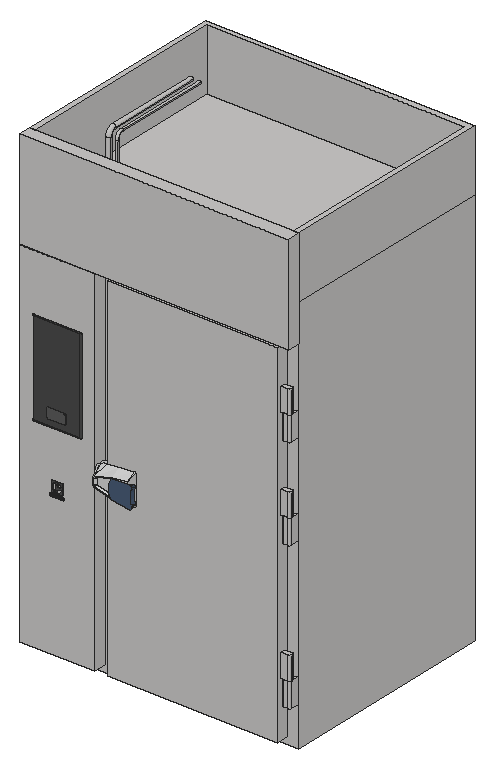
Revit family "QF_ELECTROLUXPROFESSIONAL_727757_EBFA22RDE", category Specialty Equipment, Revit 2018
Family settings
  Round Connector Dimension = Use Radius
  Part Type = Normal
  Work Plane-Based = No
  Always vertical = Yes
  Cut with Voids When Loaded = No
  Shared = Yes
  Room Calculation Point = No
Parameters
  Weight = 0.00 kg
  Watts = 0 W
  Volts = 380 V
  URL Manufacturer = "http://professional.electrolux.com"
  URL = "http://professional.electrolux.com"
  Steam Supply Size = 0"
  Steam Supply Minimum Pressure = 0.00 psi
  Steam Supply Maximum Pressure = 0.00 psi
  Steam Pounds per Hour = 0
  Show Logo [instance] = yes
  Refrigeration Suction Line Size = 0"
  Refrigeration Liquid Line Size = 0"
  Refrigerant Compressor Remote = yes
  Phase = 3
  Model = "EBFA22RDE"
  Manufacturer = "Electrolux"
  Length Actual = 1400 mm  # constant formula
  Item Number = "727757"
  Hot Water Size = 0"
  Height Actual = 2270 mm  # constant formula
  HP = "8.6 HP"
  Gas Size = 0"
  Gas KW = 0
  Gas Input Pressure = 0.0 Btu/h
  Direct Waste Size = 3/4"
  Description = "SKYLINE CHILLS BLAST CHILLER FREEZER 200/170KG 20 GN 2/1 - ROLL-IN - DISASSEMBLED - REMOTE REFRIGERATING UNIT"
  Depth Actual = 1266 mm  # constant formula
  Cycle = 60 Hz
  Condensate Return Size = 0"
  Compressed Air Volume = 0 GPM
  Compressed Air Size = 0"
  Compressed Air Pressure = 0.00 psi
  Cold Water Size = 0"
  Assembly Code = ""
  Show Clearance [instance] = yes
  Accessory = yes
Reference planes
  plane 1 "BACK": y = 1
  plane 2: z = 0
  plane 3 "LEFT": x = 0
  plane 4 "RIGHT": x = 1400
  plane 5 "FRONT": y = -1205
  plane 6 "TOP": z = 2400
  plane 7 "Center Y": x = 700
  plane 8: y = -2155
  plane 9: y = -602
Forms (mm)
  Extrusion 1, solid, material "QF_Clearance", visible <- "Show Clearance", detail levels coarse
    sketch origin (0, 0, -70) x (1, 0, 0) y (0, 1, 0)
      loop
        line (0, -1205) -> (0, 1) -> (1400, 1) -> (1400, -1205) -> (1500, -1205) -> (1500, 101) -> (-100, 101) -> (-100, -1205) -> (0, -1205)
    from 70 to 2670
  Extrusion 2, solid, material "QF_Finishes_Stainless Steel"
    sketch origin (349.253, 33, 630.991) x (-1, 0, 0) y (0, -1, 0)
      loop
        line (349.253, 1172.759) -> (349.253, 1238) -> (-39.747, 1238) -> (-39.747, 1172.759) -> (349.253, 1172.759)
    from -597 to 1254
  Extrusion 3, solid, material "QF_Finishes_Stainless Steel"
    sketch origin (596.16, 27.971, -70) x (1, 0, 0) y (0, 1, 0)
      loop
        line (743.84, -1172.971) -> (-141.16, -1172.971) -> (-141.16, -1232.971) -> (743.84, -1232.971) -> (743.84, -1172.971)
    from 103.991 to 1945.25
  Extrusion 4, solid, material "QF_Door-Drawer Clearances", visible <- "Show Clearance", detail levels coarse
    sketch origin (875, -72.029, -91.802) x (-1, 0, 0) y (0, -1, 0)
      loop
        line (-465, 2025.971) -> (-465, 1132.971) -> (420, 1132.971)
        arc (420, 1132.971) -> (153.836, 1754.227) -> (-465, 2025.971) r 920
    from 125.793 to 1967.052
  Extrusion 5, solid, material "QF_Finishes_Stainless Steel"
    sketch origin (0, -1139.759, 0) x (0, 1, 0) y (-1, 0, 0)
      loop
        line (1140.759, 0) -> (0.759, 0) -> (0.759, -1400) -> (1140.759, -1400) -> (1140.759, 0)
    from 0 to 2080
  Extrusion 6, solid, material "QF_Finishes_Stainless Steel"
    sketch origin (0, 0, -70) x (0, 1, 0) y (0, 0, 1)
      loop
        line (-1139, 2470) -> (-1205, 2470) -> (-1205, 1956) -> (-1139, 1956) -> (-1139, 2470)
    from 0 to 1400
  Extrusion 7, solid, material "QF_Finishes_Stainless Steel"
    sketch origin (0, -1139.759, 2080) x (0, 1, 0) y (-1, 0, 0)
      loop
        line (1140.759, 0) -> (0.759, 0) -> (0.759, -27.807) -> (1112.952, -27.807) -> (1112.952, -1372.193) -> (0.759, -1372.193) -> (0.759, -1400) -> (1140.759, -1400) -> (1140.759, 0)
    from 0 to 320
  Extrusion 8, solid, material "QF_Clearance", visible <- "Show Clearance", detail levels coarse
    sketch origin (0, 0, 2400) x (-1, 0, 0) y (0, -1, 0)
      loop
        line (0, 1205) -> (-1400, 1205) -> (-1400, -1) -> (0, -1) -> (0, 1205)
    from 0 to 200
  Extrusion 9, solid, material "QF_Finishes_Stainless Steel"
    sketch origin (-390.239, -0.977, 1172.559) x (1, 0, 0) y (0, 1, 0)
      loop
        line (1730.239, -1159.557) -> (1730.239, -1186.759) -> (1771.078, -1186.759)
        arc (1771.078, -1186.759) -> (1778.149, -1183.83) -> (1781.078, -1176.759) r 10
        line (1781.078, -1176.759) -> (1781.078, -1169.557)
        arc (1781.078, -1169.557) -> (1778.149, -1162.486) -> (1771.078, -1159.557) r 10
        line (1771.078, -1159.557) -> (1730.239, -1159.557)
    from 398 to 516
  Extrusion 10, solid, material "QF_Finishes_Stainless Steel"
    sketch origin (-388.989, -0.977, 1172.559) x (1, 0, 0) y (0, 1, 0)
      loop
        line (1779.828, -1138.023) -> (1738.215, -1138.023) -> (1738.215, -1176.759)
        arc (1738.215, -1176.759) -> (1741.143, -1183.83) -> (1748.215, -1186.759) r 10
        line (1748.215, -1186.759) -> (1769.828, -1186.759)
        arc (1769.828, -1186.759) -> (1776.899, -1183.83) -> (1779.828, -1176.759) r 10
        line (1779.828, -1176.759) -> (1779.828, -1138.023)
    from 269 to 396
  Extrusion 11, solid, material "QF_Finishes_Handrails and Railings"
    sketch origin (0, -1205, -139.705) x (-1, 0, 0) y (0, 0, 1)
      loop
        arc (-455, 1022.346) -> (-433.392, 1027.289) -> (-413, 1035.976) r 124.815
        arc (-413, 1035.976) -> (-402.037, 1046.425) -> (-398, 1061.023) r 28.412
        line (-398, 1061.023) -> (-398, 1124.287)
        arc (-398, 1124.287) -> (-402.037, 1138.885) -> (-413, 1149.334) r 28.412
        arc (-413, 1149.334) -> (-433.392, 1158.021) -> (-455, 1162.964) r 124.815
        line (-455, 1162.964) -> (-455, 1022.346)
    from 0 to 25
  Extrusion 12, solid, material "QF_Finishes_Stainless Steel"
    sketch origin (0, 1, -70) x (1, 0, 0) y (0, 0, 1)
      loop
        circle (50.191, 2279.706) r 10
    from -2 to 0
  Extrusion 13, solid
    sketch origin (0, 0, -70) x (1, 0, 0) y (0, 1, 0)
      loop
        circle (271, -895) r 12.7
    from 180 to 190
  Sweep 14, solid, material "QF_Finishes_Stainless Steel"
    path in 3D
      loop
        line (196, -872.727, 2090) -> (196, -872.727, 2314.785)
        arc (196, -872.727, 2314.785) -> (196, -863.94, 2335.999) -> (196, -842.727, 2344.785) r 30
        line (196, -842.727, 2344.785) -> (196, -337, 2344.785)
    profile origin (196, -589.864, 2344.785) x (-1, 0, 0) y (0, 0, 1)
      loop
        circle (0, -0.785) r 11
  Sweep 15, solid, material "QF_Finishes_Stainless Steel"
    path in 3D
      loop
        line (239, -337, 2344) -> (239, -842.727, 2344)
        arc (239, -842.727, 2344) -> (239, -863.94, 2335.213) -> (239, -872.727, 2314) r 30
        line (239, -872.727, 2314) -> (239, -872.727, 2090)
    profile origin (239, -589.864, 2344) x (1, 0, 0) y (0, 0, 1)
      loop
        circle (0, 0) r 6
  Extrusion 16, solid, material "QF_Finishes_Stainless Steel"
    sketch origin (0, -1139.759, 2080) x (0, 1, 0) y (-1, 0, 0)
      loop
        line (272.791, -163.68) -> (262.791, -163.68)
        arc (262.791, -163.68) -> (252.185, -168.074) -> (247.791, -178.68) r 15
        line (247.791, -178.68) -> (247.791, -270.358)
        arc (247.791, -270.358) -> (252.185, -280.965) -> (262.791, -285.358) r 15
        line (262.791, -285.358) -> (272.791, -285.358)
        arc (272.791, -285.358) -> (283.398, -280.965) -> (287.791, -270.358) r 15
        line (287.791, -270.358) -> (287.791, -178.68)
        arc (287.791, -178.68) -> (283.398, -168.074) -> (272.791, -163.68) r 15
    from 0 to 10
  Blend 17, solid, material "QF_Finishes_Handrails and Railings"
    base sketch origin (0, -1205, -139.705) x (1, 0, 0) y (0, 0, 1)
      loop
        arc (455, 1162.964) -> (433.392, 1158.021) -> (413, 1149.334) r 124.815
        arc (413, 1149.334) -> (402.037, 1138.885) -> (398, 1124.287) r 28.412
        line (398, 1124.287) -> (398, 1061.023)
        arc (398, 1061.023) -> (402.037, 1046.425) -> (413, 1035.976) r 28.412
        arc (413, 1035.976) -> (433.392, 1027.289) -> (455, 1022.346) r 124.815
        arc (455, 1022.346) -> (524.77, 1014.896) -> (594.859, 1011.587) r 1185.63
        arc (594.859, 1011.587) -> (600.607, 1013.879) -> (603, 1019.586) r 8
        line (603, 1019.586) -> (603, 1165.724)
        arc (603, 1165.724) -> (600.607, 1171.431) -> (594.859, 1173.723) r 8
        arc (594.859, 1173.723) -> (524.77, 1170.414) -> (455, 1162.964) r 1185.63
    top sketch origin (0, -1205, -139.705) x (1, 0, 0) y (0, 0, 1)
      loop
        line (421, 1108.337) -> (421, 1076.973)
        arc (421, 1076.973) -> (423.295, 1069.915) -> (429.302, 1065.557) r 12
        arc (429.302, 1065.557) -> (515.086, 1044.22) -> (603, 1034.974) r 636.459
        line (603, 1034.974) -> (603, 1150.336)
        arc (603, 1150.336) -> (515.086, 1141.09) -> (429.302, 1119.753) r 636.459
        arc (429.302, 1119.753) -> (423.295, 1115.395) -> (421, 1108.337) r 12
    from 0 to 50
  Blend 18, void
    base sketch origin (0, -1255, -139.705) x (-1, 0, 0) y (0, 0, 1)
      loop
        arc (-430.843, 1114.996) -> (-515.866, 1136.151) -> (-603, 1145.333) r 631.459
        line (-603, 1145.333) -> (-603, 1039.977)
        arc (-603, 1039.977) -> (-515.866, 1049.159) -> (-430.843, 1070.314) r 631.459
        arc (-430.843, 1070.314) -> (-427.339, 1072.856) -> (-426, 1076.973) r 7
        line (-426, 1076.973) -> (-426, 1108.337)
        arc (-426, 1108.337) -> (-427.339, 1112.454) -> (-430.843, 1114.996) r 7
    top sketch origin (0, -1255, -139.705) x (-1, 0, 0) y (0, 0, 1)
      loop
        arc (-432.384, 1110.24) -> (-516.647, 1131.211) -> (-603, 1140.33) r 626.459
        line (-603, 1140.33) -> (-603, 1044.98)
        arc (-603, 1044.98) -> (-516.647, 1054.099) -> (-432.384, 1075.07) r 626.459
        arc (-432.384, 1075.07) -> (-431.382, 1075.797) -> (-431, 1076.973) r 2
        line (-431, 1076.973) -> (-431, 1108.337)
        arc (-431, 1108.337) -> (-431.382, 1109.513) -> (-432.384, 1110.24) r 2
    from 0 to 10
  Blend 19, solid, material "QF_Finishes_Electrolux_Blue"
    base sketch origin (0, -1245, -139.705) x (1, 0, 0) y (0, 0, 1)
      loop
        arc (628.567, 1043.419) -> (622.014, 1092.655) -> (628.567, 1141.89) r 188.232
        arc (628.567, 1141.89) -> (627.358, 1147.991) -> (621.77, 1150.721) r 7
        arc (621.77, 1150.721) -> (572.304, 1148.509) -> (523.16, 1142.458) r 636.459
        arc (523.16, 1142.458) -> (507.711, 1092.655) -> (523.16, 1042.852) r 88
        arc (523.16, 1042.852) -> (572.304, 1036.801) -> (621.77, 1034.589) r 636.459
        arc (621.77, 1034.589) -> (627.358, 1037.319) -> (628.567, 1043.419) r 7
    top sketch origin (0, -1245, -139.705) x (1, 0, 0) y (0, 0, 1)
      loop
        arc (626.748, 1050.703) -> (622.014, 1092.655) -> (626.748, 1134.607) r 188.232
        arc (626.748, 1134.607) -> (625.775, 1138.85) -> (621.845, 1140.722) r 5
        arc (621.845, 1140.722) -> (569.023, 1138.185) -> (516.603, 1131.203) r 626.459
        arc (516.603, 1131.203) -> (507.711, 1092.655) -> (516.603, 1054.107) r 88
        arc (516.603, 1054.107) -> (569.023, 1047.124) -> (621.845, 1044.588) r 626.459
        arc (621.845, 1044.588) -> (625.775, 1046.46) -> (626.748, 1050.703) r 5
    from 20 to 0
  Extrusion 20, solid, material "QF_Finishes_Stainless Steel"
    sketch origin (-390.239, -0.977, 692.559) x (1, 0, 0) y (0, 1, 0)
      loop
        line (1730.239, -1159.557) -> (1730.239, -1186.759) -> (1771.078, -1186.759)
        arc (1771.078, -1186.759) -> (1778.149, -1183.83) -> (1781.078, -1176.759) r 10
        line (1781.078, -1176.759) -> (1781.078, -1169.557)
        arc (1781.078, -1169.557) -> (1778.149, -1162.486) -> (1771.078, -1159.557) r 10
        line (1771.078, -1159.557) -> (1730.239, -1159.557)
    from 398 to 516
  Extrusion 21, solid, material "QF_Finishes_Stainless Steel"
    sketch origin (-388.989, -0.977, 692.559) x (1, 0, 0) y (0, 1, 0)
      loop
        line (1779.828, -1138.023) -> (1738.215, -1138.023) -> (1738.215, -1176.759)
        arc (1738.215, -1176.759) -> (1741.143, -1183.83) -> (1748.215, -1186.759) r 10
        line (1748.215, -1186.759) -> (1769.828, -1186.759)
        arc (1769.828, -1186.759) -> (1776.899, -1183.83) -> (1779.828, -1176.759) r 10
        line (1779.828, -1176.759) -> (1779.828, -1138.023)
    from 269 to 396
  Extrusion 22, solid, material "QF_Finishes_Stainless Steel"
    sketch origin (-390.239, -0.977, -67.441) x (1, 0, 0) y (0, 1, 0)
      loop
        line (1730.239, -1159.557) -> (1730.239, -1186.759) -> (1771.078, -1186.759)
        arc (1771.078, -1186.759) -> (1778.149, -1183.83) -> (1781.078, -1176.759) r 10
        line (1781.078, -1176.759) -> (1781.078, -1169.557)
        arc (1781.078, -1169.557) -> (1778.149, -1162.486) -> (1771.078, -1159.557) r 10
        line (1771.078, -1159.557) -> (1730.239, -1159.557)
    from 398 to 516
  Extrusion 23, solid, material "QF_Finishes_Stainless Steel"
    sketch origin (-388.989, -0.977, -67.441) x (1, 0, 0) y (0, 1, 0)
      loop
        line (1779.828, -1138.023) -> (1738.215, -1138.023) -> (1738.215, -1176.759)
        arc (1738.215, -1176.759) -> (1741.143, -1183.83) -> (1748.215, -1186.759) r 10
        line (1748.215, -1186.759) -> (1769.828, -1186.759)
        arc (1769.828, -1186.759) -> (1776.899, -1183.83) -> (1779.828, -1176.759) r 10
        line (1779.828, -1176.759) -> (1779.828, -1138.023)
    from 269 to 396
  Extrusion 24, solid, material "QF_Door-Drawer Clearances", visible <- "Show Clearance", detail levels coarse
    sketch origin (167.029, -1956.84, -70) x (0, 1, 0) y (-1, 0, 0)
      loop
        line (751.84, -1172.971) -> (-141.16, -1172.971) -> (-141.16, -1232.971) -> (751.84, -1232.971) -> (751.84, -1172.971)
    from 103.991 to 1945.25
  Extrusion 25, solid, material "QF_Door-Drawer Clearances", visible <- "Show Clearance", detail levels coarse
    sketch origin (1400, -2553, -139.705) x (0, -1, 0) y (0, 0, 1)
      loop
        arc (-455, 1022.346) -> (-433.392, 1027.289) -> (-413, 1035.976) r 124.815
        arc (-413, 1035.976) -> (-402.037, 1046.425) -> (-398, 1061.023) r 28.412
        line (-398, 1061.023) -> (-398, 1124.287)
        arc (-398, 1124.287) -> (-402.037, 1138.885) -> (-413, 1149.334) r 28.412
        arc (-413, 1149.334) -> (-433.392, 1158.021) -> (-455, 1162.964) r 124.815
        line (-455, 1162.964) -> (-455, 1022.346)
    from 0 to 25
  Blend 26, solid, material "QF_Door-Drawer Clearances", visible <- "Show Clearance", detail levels coarse
    base sketch origin (1400, -2553, -139.705) x (0, 1, 0) y (0, 0, 1)
      loop
        arc (455, 1162.964) -> (433.392, 1158.021) -> (413, 1149.334) r 124.815
        arc (413, 1149.334) -> (402.037, 1138.885) -> (398, 1124.287) r 28.412
        line (398, 1124.287) -> (398, 1061.023)
        arc (398, 1061.023) -> (402.037, 1046.425) -> (413, 1035.976) r 28.412
        arc (413, 1035.976) -> (433.392, 1027.289) -> (455, 1022.346) r 124.815
        arc (455, 1022.346) -> (524.77, 1014.896) -> (594.859, 1011.587) r 1185.63
        arc (594.859, 1011.587) -> (600.607, 1013.879) -> (603, 1019.586) r 8
        line (603, 1019.586) -> (603, 1165.724)
        arc (603, 1165.724) -> (600.607, 1171.431) -> (594.859, 1173.723) r 8
        arc (594.859, 1173.723) -> (524.77, 1170.414) -> (455, 1162.964) r 1185.63
    top sketch origin (1400, -2553, -139.705) x (0, 1, 0) y (0, 0, 1)
      loop
        line (421, 1108.337) -> (421, 1076.973)
        arc (421, 1076.973) -> (423.295, 1069.915) -> (429.302, 1065.557) r 12
        arc (429.302, 1065.557) -> (515.086, 1044.22) -> (603, 1034.974) r 636.459
        line (603, 1034.974) -> (603, 1150.336)
        arc (603, 1150.336) -> (515.086, 1141.09) -> (429.302, 1119.753) r 636.459
        arc (429.302, 1119.753) -> (423.295, 1115.395) -> (421, 1108.337) r 12
    from 0 to 50
  Blend 27, void
    base sketch origin (1450, -2553, -139.705) x (0, -1, 0) y (0, 0, 1)
      loop
        arc (-430.843, 1114.996) -> (-515.866, 1136.151) -> (-603, 1145.333) r 631.459
        line (-603, 1145.333) -> (-603, 1039.977)
        arc (-603, 1039.977) -> (-515.866, 1049.159) -> (-430.843, 1070.314) r 631.459
        arc (-430.843, 1070.314) -> (-427.339, 1072.856) -> (-426, 1076.973) r 7
        line (-426, 1076.973) -> (-426, 1108.337)
        arc (-426, 1108.337) -> (-427.339, 1112.454) -> (-430.843, 1114.996) r 7
    top sketch origin (1450, -2553, -139.705) x (0, -1, 0) y (0, 0, 1)
      loop
        arc (-432.384, 1110.24) -> (-516.647, 1131.211) -> (-603, 1140.33) r 626.459
        line (-603, 1140.33) -> (-603, 1044.98)
        arc (-603, 1044.98) -> (-516.647, 1054.099) -> (-432.384, 1075.07) r 626.459
        arc (-432.384, 1075.07) -> (-431.382, 1075.797) -> (-431, 1076.973) r 2
        line (-431, 1076.973) -> (-431, 1108.337)
        arc (-431, 1108.337) -> (-431.382, 1109.513) -> (-432.384, 1110.24) r 2
    from 0 to 10
  Blend 28, solid, material "QF_Door-Drawer Clearances", visible <- "Show Clearance", detail levels coarse
    base sketch origin (1440, -2553, -139.705) x (0, 1, 0) y (0, 0, 1)
      loop
        arc (628.567, 1043.419) -> (622.014, 1092.655) -> (628.567, 1141.89) r 188.232
        arc (628.567, 1141.89) -> (627.358, 1147.991) -> (621.77, 1150.721) r 7
        arc (621.77, 1150.721) -> (572.304, 1148.509) -> (523.16, 1142.458) r 636.459
        arc (523.16, 1142.458) -> (507.711, 1092.655) -> (523.16, 1042.852) r 88
        arc (523.16, 1042.852) -> (572.304, 1036.801) -> (621.77, 1034.589) r 636.459
        arc (621.77, 1034.589) -> (627.358, 1037.319) -> (628.567, 1043.419) r 7
    top sketch origin (1440, -2553, -139.705) x (0, 1, 0) y (0, 0, 1)
      loop
        arc (626.748, 1050.703) -> (622.014, 1092.655) -> (626.748, 1134.607) r 188.232
        arc (626.748, 1134.607) -> (625.775, 1138.85) -> (621.845, 1140.722) r 5
        arc (621.845, 1140.722) -> (569.023, 1138.185) -> (516.603, 1131.203) r 626.459
        arc (516.603, 1131.203) -> (507.711, 1092.655) -> (516.603, 1054.107) r 88
        arc (516.603, 1054.107) -> (569.023, 1047.124) -> (621.845, 1044.588) r 626.459
        arc (621.845, 1044.588) -> (625.775, 1046.46) -> (626.748, 1050.703) r 5
    from 20 to -1
Cuts and joins
  Blend 18 cuts Blend 17
  joined: Extrusion 11, Blend 17
  Blend 18 cuts Extrusion 4
  Blend 27 cuts Blend 26
  Blend 27 cuts Blend 28
  joined: Extrusion 4, Extrusion 24, Extrusion 25, Blend 26, Blend 28
  joined: Extrusion 7, Extrusion 12
  joined: Extrusion 5, Extrusion 10, Sweep 14, Sweep 15, Extrusion 16, Extrusion 21, Extrusion 23
  joined: Extrusion 3, Extrusion 9, Extrusion 20, Extrusion 22
  joined: Extrusion 1, Extrusion 8
Lines and regions (mm)
  symbolic lines, style "QF-Clearances", visible <- "Show Clearance", detail levels coarse
    curve 1: line (-100, -1204.241, 70) -> (-100, 101, 70)
    curve 2: line (-100, 101, 70) -> (1500, 101, 70)
    curve 3: line (1500, 101, 70) -> (1500, -1204.241, 70)
  symbolic lines
    curve 4: line (185, -336.968, 70) -> (207, -336.968, 70)
    curve 5: line (207, -336.968, 70) -> (207, -871.942, 70)
    curve 6: line (233, -872.727, 70) -> (233, -337, 70)
    curve 7: line (233, -337, 70) -> (245, -337, 70)
    curve 8: line (245, -337, 70) -> (245, -872.727, 70)
    curve 9: line (245, -851.968, 70) -> (270.358, -851.968, 70)
    curve 10: arc (285.358, -866.968, 70) -> (280.965, -856.361, 70) -> (270.358, -851.968, 70) r 15
    curve 11: line (285.358, -876.968, 70) -> (285.358, -866.968, 70)
    curve 12: arc (270.358, -891.968, 70) -> (280.965, -887.575, 70) -> (285.358, -876.968, 70) r 15
    curve 13: line (178.68, -891.968, 70) -> (270.358, -891.968, 70)
    curve 14: arc (163.68, -876.968, 70) -> (168.074, -887.575, 70) -> (178.68, -891.968, 70) r 15
    curve 15: line (163.68, -866.968, 70) -> (163.68, -876.968, 70)
    curve 16: arc (178.68, -851.968, 70) -> (168.074, -856.361, 70) -> (163.68, -866.968, 70) r 15
    curve 17: arc (207, -871.942, 70) -> (196, -882.942, 70) -> (185, -871.942, 70) r 11
    curve 18: arc (233, -872.727, 70) -> (239, -878.727, 70) -> (245, -872.727, 70) r 6
    curve 19: line (178.68, -851.968, 70) -> (185, -851.968, 70)
    curve 20: line (185, -336.968, 70) -> (185, -871.942, 70)
    curve 21: line (207, -851.968, 70) -> (233, -851.968, 70)
    curve 22: line (0, 1, 70) -> (1400, 1, 70)
    curve 23: line (0, -1205, 70) -> (0, 1, 70)
    curve 24: line (1400, -1205, 70) -> (0, -1205, 70)
    curve 25: line (1400, 1, 70) -> (1400, -1205, 70)
    curve 26: line (27.807, -26.807, 70) -> (1372.193, -26.807, 70)
    curve 27: line (27.807, -1139, 70) -> (27.807, -26.807, 70)
    curve 28: line (1400, -1139, 70) -> (0, -1139, 70)
    curve 29: line (1372.193, -26.807, 70) -> (1372.193, -1139, 70)
    curve 30: line (75.5, -1210, 70) -> (313.5, -1210, 70)
    curve 31: line (75.5, -1210, 70) -> (67.5, -1205, 70)
    curve 32: line (313.5, -1210, 70) -> (321.5, -1205, 70)
    curve 33: line (421, -1255, 70) -> (398, -1205, 70)
    curve 34: line (421, -1255, 70) -> (603, -1255, 70)
    curve 35: line (603, -1255, 70) -> (603, -1205, 70)
    curve 36: line (603, -1245, 70) -> (626.748, -1245, 70)
    curve 37: line (626.748, -1245, 70) -> (628.811, -1265, 70)
    curve 38: line (628.811, -1265, 70) -> (507.711, -1265, 70)
    curve 39: line (507.711, -1265, 70) -> (507.711, -1255, 70)
  symbolic lines, style "QF_Door-Drawer Clearances", visible <- "Show Clearance"
    curve 40: line (1450, -2132, 70) -> (1400, -2155, 70)
    curve 41: line (1450, -2132, 70) -> (1450, -1950, 70)
    curve 42: line (1450, -1950, 70) -> (1400, -1950, 70)
    curve 43: line (1439, -1950, 70) -> (1439, -1926.126, 70)
    curve 44: line (1439, -1926.126, 70) -> (1460, -1924.189, 70)
    curve 45: line (1460, -1924.189, 70) -> (1460, -2045.289, 70)
    curve 46: line (1460, -2045.289, 70) -> (1450, -2045.289, 70)
    curve 47: line (1375, -2098, 70) -> (1375, -2155, 70)
    curve 48: line (1340, -2098, 70) -> (1400, -2098, 70)
    curve 49: arc (457.796, -1255, 70) -> (739.031, -1843.801, 70) -> (1340, -2098, 70) r 920
    curve 50: line (1400, -2155, 70) -> (1375, -2155, 70)
    curve 51: line (1400, -2098, 70) -> (1400, -1205, 70)
    curve 58: line (1340, -2098, 70) -> (1340, -1205, 70)
  sketch lines
    curve 52: line (196, -842.727, 2344.785) -> (196, -337, 2344.785)
    curve 53: arc (196, -872.727, 2314.785) -> (196, -863.94, 2335.999) -> (196, -842.727, 2344.785) r 30
    curve 54: line (196, -872.727, 2090) -> (196, -872.727, 2314.785)
    curve 55: line (239, -337, 2344) -> (239, -842.727, 2344)
    curve 56: arc (239, -842.727, 2344) -> (239, -863.94, 2335.213) -> (239, -872.727, 2314) r 30
    curve 57: line (239, -872.727, 2314) -> (239, -872.727, 2090)
Dimensions and locks
  plane 5 "FRONT" to plane 1 "BACK" = 1206 mm
  plane 6 "TOP" to level = 2400 mm
  plane 4 "RIGHT" to plane 3 "LEFT" = 1400 mm
  plane 3 "LEFT" to plane 4 "RIGHT" = 1400 mm
  equal spacing: plane 3 "LEFT", plane 7 "Center Y", plane 4 "RIGHT"
  plane 1 "BACK" to plane 5 "FRONT" = 1206 mm
  aligned and locked: level to plane 2
Automatic sketch dimensions
  plane 5 "FRONT" to Extrusion 1 sketch curve = 0 mm  (x2)
  Extrusion 1 sketch curve to plane 3 "LEFT" = 0 mm
  plane 1 "BACK" to Extrusion 1 sketch curve = 0 mm
  Extrusion 1 sketch curve to plane 4 "RIGHT" = 0 mm
  Extrusion 1 sketch curve to plane 3 "LEFT" = 100 mm
  plane 4 "RIGHT" to Extrusion 1 sketch curve = 100 mm
  Extrusion 1 sketch curve to plane 1 "BACK" = 100 mm
  plane 5 "FRONT" to Extrusion 2 sketch curve = 0 mm
  Extrusion 2 sketch curve to plane 3 "LEFT" = 0 mm
  Extrusion 2 sketch curve to plane 5 "FRONT" = 65.241 mm
  plane 5 "FRONT" to Extrusion 3 sketch curve = 0 mm
  Extrusion 3 sketch curve to plane 5 "FRONT" = 60 mm
  Extrusion 3 sketch curve to plane 4 "RIGHT" = 60 mm
  plane 5 "FRONT" to Extrusion 4 sketch curve = 0 mm
  Extrusion 4 sketch curve to plane 4 "RIGHT" = 25.377 mm
  Extrusion 4 sketch curve to Extrusion 4 sketch curve = 34.623 mm
  Extrusion 4 sketch curve to plane 5 "FRONT" = 26.348 mm
  Extrusion 5 sketch curve to plane 3 "LEFT" = 0 mm
  Extrusion 5 sketch curve to plane 4 "RIGHT" = 0 mm
  plane 1 "BACK" to Extrusion 5 sketch curve = 0 mm
  Extrusion 5 sketch curve to plane 5 "FRONT" = 66 mm
  Extrusion 6 sketch curve to plane 5 "FRONT" = 0 mm
  Extrusion 6 sketch curve to plane 5 "FRONT" = 66 mm
  Extrusion 6 sketch curve to plane 6 "TOP" = 514 mm
  plane 6 "TOP" to Extrusion 6 sketch curve = 0 mm
  Extrusion 5 to Extrusion 7 sketch curve = 0 mm
  Extrusion 7 sketch curve to Extrusion 5 = 0 mm  (x4)
  Extrusion 7 sketch curve to Extrusion 5 = 27.807 mm  (x3)
  Extrusion 8 sketch curve to plane 4 "RIGHT" = 0 mm
  plane 1 "BACK" to Extrusion 8 sketch curve = 0 mm
  Extrusion 8 sketch curve to plane 3 "LEFT" = 0 mm
  plane 5 "FRONT" to Extrusion 8 sketch curve = 0 mm
  Extrusion 9 sketch curve to plane 5 "FRONT" = 17.264 mm
  Extrusion 9 sketch curve to plane 4 "RIGHT" = 60 mm
  Extrusion 9 sketch curve to plane 4 "RIGHT" = 19.161 mm
  Extrusion 9 sketch curve to Extrusion 9 sketch curve = 0 mm
  Extrusion 9 sketch curve to plane 4 "RIGHT" = 9.161 mm
  Extrusion 9 sketch curve to Extrusion 9 sketch curve = 7.202 mm
  Extrusion 10 sketch curve to plane 5 "FRONT" = 27.264 mm
  Extrusion 10 sketch curve to plane 4 "RIGHT" = 50.775 mm
  Extrusion 10 sketch curve to Extrusion 10 sketch curve = 10 mm
  Extrusion 10 sketch curve to plane 4 "RIGHT" = 19.161 mm
  Extrusion 10 sketch curve to plane 4 "RIGHT" = 9.161 mm
  Extrusion 10 sketch curve to Extrusion 10 sketch curve = 38.736 mm
  plane 7 "Center Y" to Extrusion 11 sketch curve = 228.081 mm
  Extrusion 11 sketch curve to Extrusion 11 sketch curve = 0 mm
  Extrusion 11 sketch curve to Extrusion 11 sketch curve = 16.919 mm
  Extrusion 11 sketch curve to Extrusion 11 sketch curve = 28.588 mm  (x2)
  Extrusion 11 sketch curve to Extrusion 11 sketch curve = 28.412 mm
  level to Extrusion 11 sketch curve = 882.641 mm
  Extrusion 11 sketch curve to Extrusion 11 sketch curve = 16.954 mm  (x2)
  Extrusion 11 sketch curve to Extrusion 11 sketch curve = 38.676 mm
  Extrusion 11 sketch curve to Extrusion 11 sketch curve = 63.265 mm
  Extrusion 11 sketch curve to Extrusion 11 sketch curve = 21.722 mm
  plane 3 "LEFT" to Extrusion 12 sketch curve = 50.191 mm
  Extrusion 12 sketch curve to plane 6 "TOP" = 190.294 mm
  Extrusion 13 sketch curve to plane 9 = 293 mm
  Sweep 14 sketch curve to profile plane = 0 mm
  Sweep 14 sketch curve to profile plane = 0.785 mm
  profile plane to Sweep 15 sketch curve = 0 mm
  Sweep 15 sketch curve to profile plane = 0 mm
  Extrusion 16 sketch curve to Extrusion 5 = 247.032 mm
  Extrusion 16 sketch curve to Extrusion 16 sketch curve = 15 mm  (x3)
  Extrusion 16 sketch curve to Extrusion 16 sketch curve = 10 mm  (x2)
  Extrusion 16 sketch curve to Extrusion 5 = 285.358 mm
  Extrusion 16 sketch curve to Extrusion 16 sketch curve = 91.678 mm
  Blend 17 sketch curve to Extrusion 11 = 0 mm  (x4)
  Blend 17 sketch curve to Extrusion 11 = 28.412 mm
  Blend 17 sketch curve to Blend 17 sketch curve = 123.081 mm  (x2)
  Blend 17 sketch curve to Blend 17 sketch curve = 8 mm
  Extrusion 11 to Blend 17 sketch curve = 160.712 mm  (x2)
  Blend 17 sketch curve to Blend 17 sketch curve = 19.715 mm  (x2)
  Blend 17 sketch curve to Blend 17 sketch curve = 38.676 mm
  Blend 17 sketch curve to Extrusion 11 = 23 mm
  Blend 17 sketch curve to Blend 17 sketch curve = 12 mm  (x2)
  Extrusion 11 to Blend 17 sketch curve = 148 mm
  Extrusion 11 to Blend 17 sketch curve = 170.45 mm  (x2)
  Blend 17 sketch curve to Blend 17 sketch curve = 520.701 mm  (x2)
  Blend 17 sketch curve to Blend 17 sketch curve = 41.999 mm
  Blend 17 sketch curve to Blend 17 sketch curve = 31.364 mm
  Blend 17 sketch curve to Blend 17 sketch curve = 115.362 mm
  Blend 17 to Blend 18 sketch curve = 0 mm  (x2)
  Blend 18 sketch curve to Blend 18 sketch curve = 7 mm
  Blend 18 sketch curve to Blend 18 sketch curve = 31.364 mm  (x2)
  Blend 18 sketch curve to Blend 18 sketch curve = 2 mm
  Blend 18 to Blend 19 sketch curve = 18.811 mm  (x2)
  Blend 19 sketch curve to Blend 18 = 7.289 mm  (x2)
  Blend 19 sketch curve to Blend 19 sketch curve = 188.435 mm
  Blend 19 sketch curve to Blend 19 sketch curve = 7 mm  (x2)
  Blend 19 sketch curve to Blend 19 sketch curve = 51.066 mm  (x2)
  Blend 19 sketch curve to Blend 19 sketch curve = 0 mm  (x6)
  Blend 19 sketch curve to Blend 18 = 79.84 mm
  Blend 18 to Blend 19 sketch curve = 18.874 mm  (x2)
  Blend 19 sketch curve to Blend 19 sketch curve = 188.371 mm
  Blend 19 sketch curve to Blend 19 sketch curve = 5 mm  (x2)
  Blend 19 sketch curve to Blend 19 sketch curve = 43.067 mm  (x2)
  Blend 19 sketch curve to Blend 18 = 85.603 mm
  Extrusion 20 sketch curve to plane 5 "FRONT" = 17.264 mm
  Extrusion 20 sketch curve to plane 4 "RIGHT" = 60 mm
  Extrusion 20 sketch curve to plane 4 "RIGHT" = 19.161 mm
  Extrusion 20 sketch curve to Extrusion 20 sketch curve = 0 mm
  Extrusion 20 sketch curve to plane 4 "RIGHT" = 9.161 mm
  Extrusion 20 sketch curve to Extrusion 20 sketch curve = 7.202 mm
  Extrusion 21 sketch curve to plane 5 "FRONT" = 27.264 mm
  Extrusion 21 sketch curve to plane 4 "RIGHT" = 50.775 mm
  Extrusion 21 sketch curve to Extrusion 21 sketch curve = 10 mm
  Extrusion 21 sketch curve to plane 4 "RIGHT" = 19.161 mm
  Extrusion 21 sketch curve to plane 4 "RIGHT" = 9.161 mm
  Extrusion 21 sketch curve to Extrusion 21 sketch curve = 38.736 mm
  Extrusion 22 sketch curve to plane 5 "FRONT" = 17.264 mm
  Extrusion 22 sketch curve to plane 4 "RIGHT" = 60 mm
  Extrusion 22 sketch curve to plane 4 "RIGHT" = 19.161 mm
  Extrusion 22 sketch curve to Extrusion 22 sketch curve = 0 mm
  Extrusion 22 sketch curve to plane 4 "RIGHT" = 9.161 mm
  Extrusion 22 sketch curve to Extrusion 22 sketch curve = 7.202 mm
  Extrusion 23 sketch curve to plane 5 "FRONT" = 27.264 mm
  Extrusion 23 sketch curve to plane 4 "RIGHT" = 50.775 mm
  Extrusion 23 sketch curve to Extrusion 23 sketch curve = 10 mm
  Extrusion 23 sketch curve to plane 4 "RIGHT" = 19.161 mm
  Extrusion 23 sketch curve to plane 4 "RIGHT" = 9.161 mm
  Extrusion 23 sketch curve to Extrusion 23 sketch curve = 38.736 mm
  Extrusion 24 sketch curve to plane 4 "RIGHT" = 0 mm
  plane 5 "FRONT" to Extrusion 24 sketch curve = 0 mm
  Extrusion 24 sketch curve to plane 8 = 57 mm
  Extrusion 24 sketch curve to plane 4 "RIGHT" = 60 mm
  Extrusion 25 sketch curve to plane 8 = 0 mm
  Extrusion 25 sketch curve to Extrusion 25 sketch curve = 28.412 mm  (x2)
  Extrusion 25 sketch curve to Extrusion 25 sketch curve = 28.588 mm
  Extrusion 25 sketch curve to Extrusion 25 sketch curve = 16.919 mm  (x2)
  level to Extrusion 25 sketch curve = 882.641 mm
  Extrusion 25 sketch curve to Extrusion 25 sketch curve = 16.954 mm  (x2)
  Extrusion 25 sketch curve to Extrusion 25 sketch curve = 38.676 mm
  Extrusion 25 sketch curve to Extrusion 25 sketch curve = 63.265 mm
  Extrusion 25 sketch curve to Extrusion 25 sketch curve = 21.722 mm
  Blend 26 sketch curve to Extrusion 25 = 0 mm  (x4)
  Blend 26 sketch curve to Extrusion 25 = 28.412 mm
  Blend 26 sketch curve to Blend 26 sketch curve = 123.081 mm  (x2)
  Blend 26 sketch curve to Blend 26 sketch curve = 8 mm
  Extrusion 25 to Blend 26 sketch curve = 160.712 mm  (x2)
  Blend 26 sketch curve to Blend 26 sketch curve = 19.715 mm  (x2)
  Blend 26 sketch curve to Blend 26 sketch curve = 38.676 mm
  Blend 26 sketch curve to Extrusion 25 = 23 mm
  Blend 26 sketch curve to Blend 26 sketch curve = 12 mm  (x2)
  Extrusion 25 to Blend 26 sketch curve = 148 mm
  Extrusion 25 to Blend 26 sketch curve = 170.45 mm  (x2)
  Blend 26 sketch curve to Blend 26 sketch curve = 520.701 mm  (x2)
  Blend 26 sketch curve to Blend 26 sketch curve = 41.999 mm
  Blend 26 sketch curve to Blend 26 sketch curve = 31.364 mm
  Blend 26 sketch curve to Blend 26 sketch curve = 115.362 mm
  Blend 27 sketch curve to Blend 26 = 0 mm  (x2)
  Blend 27 sketch curve to Blend 27 sketch curve = 7 mm
  Blend 27 sketch curve to Blend 27 sketch curve = 31.364 mm  (x2)
  Blend 27 sketch curve to Blend 27 sketch curve = 2 mm
  Blend 27 to Blend 28 sketch curve = 18.811 mm  (x2)
  Blend 28 sketch curve to Blend 27 = 7.289 mm  (x2)
  Blend 28 sketch curve to Blend 28 sketch curve = 188.435 mm
  Blend 28 sketch curve to Blend 28 sketch curve = 7 mm  (x2)
  Blend 28 sketch curve to Blend 28 sketch curve = 51.066 mm  (x2)
  Blend 28 sketch curve to Blend 28 sketch curve = 0 mm  (x6)
  Blend 28 sketch curve to Blend 27 = 79.84 mm
  Blend 27 to Blend 28 sketch curve = 18.874 mm  (x2)
  Blend 28 sketch curve to Blend 28 sketch curve = 188.371 mm
  Blend 28 sketch curve to Blend 28 sketch curve = 5 mm  (x2)
  Blend 28 sketch curve to Blend 28 sketch curve = 43.067 mm  (x2)
  Blend 28 sketch curve to Blend 27 = 85.603 mm
  plane 7 "Center Y" to Extrusion 2 sketch curve = 311 mm
  plane 7 "Center Y" to Extrusion 3 sketch curve = 245 mm
  plane 7 "Center Y" to Extrusion 4 sketch curve = 245 mm
  plane 3 "LEFT" to Extrusion 13 sketch curve = 271 mm
  plane 8 to curve 47 = 0 mm
  curve 42 to plane 4 "RIGHT" = 0 mm
  plane 5 "FRONT" to curve 33 = 0 mm
  curve 28 to plane 3 "LEFT" = 0 mm
  plane 1 "BACK" to curve 22 = 0 mm
  curve 50 to plane 4 "RIGHT" = 0 mm
  curve 41 to plane 8 = 23 mm
  curve 48 to plane 8 = 57 mm
  curve 48 to curve 46 = 52.711 mm
  curve 46 to curve 41 = 95.289 mm
  plane 4 "RIGHT" to curve 44 = 39 mm
  curve 43 to curve 44 = 23.874 mm
  curve 43 to curve 45 = 1.937 mm
  plane 5 "FRONT" to curve 37 = 60 mm
  plane 5 "FRONT" to curve 34 = 50 mm
  curve 37 to curve 37 = 20 mm
  plane 5 "FRONT" to curve 30 = 5 mm
  curve 49 to plane 5 "FRONT" = 26.348 mm
  plane 3 "LEFT" to curve 13 = 178.68 mm
  curve 13 to plane 9 = 289.968 mm
  curve 13 to curve 14 = 15 mm
  curve 12 to curve 11 = 15 mm
  curve 12 to curve 18 = 4.241 mm
  curve 14 to curve 17 = 5.026 mm
  curve 14 to curve 15 = 10 mm
  curve 12 to curve 11 = 10 mm
  curve 10 to curve 9 = 15 mm
  curve 16 to curve 19 = 15 mm
  plane 9 to curve 7 = 265 mm
  curve 6 to curve 5 = 0.032 mm
  plane 1 "BACK" to curve 26 = 27.807 mm
  curve 2 to plane 1 "BACK" = 100 mm
  curve 42 to curve 43 = 11 mm
  curve 45 to curve 43 = 21 mm
  plane 4 "RIGHT" to curve 2 = 100 mm
  curve 40 to curve 47 = 25 mm
  curve 49 to plane 4 "RIGHT" = 25.377 mm
  curve 29 to plane 4 "RIGHT" = 27.807 mm
  curve 47 to curve 48 = 35 mm
  plane 7 "Center Y" to curve 37 = 71.189 mm
  curve 37 to curve 36 = 2.062 mm
  curve 36 to curve 34 = 23.748 mm
  curve 39 to curve 49 = 49.915 mm
  curve 49 to curve 33 = 36.796 mm
  curve 33 to curve 30 = 107.5 mm
  curve 11 to curve 16 = 106.678 mm
  curve 12 to curve 8 = 25.358 mm
  curve 8 to curve 18 = 6 mm
  curve 6 to curve 4 = 26 mm
  curve 5 to curve 17 = 11 mm
  plane 3 "LEFT" to curve 30 = 75.5 mm
  plane 3 "LEFT" to curve 27 = 27.807 mm
  curve 1 to plane 3 "LEFT" = 100 mm
  curve 3 to plane 5 "FRONT" = 0.759 mm
  curve 1 to plane 5 "FRONT" = 0.759 mm
  curve 49 to curve 29 = 39.652 mm
  curve 17 to curve 21 = 19.974 mm
  curve 33 to curve 33 = 23 mm
  curve 32 to curve 30 = 8 mm
  curve 30 to curve 31 = 8 mm
  radius of Extrusion 12 sketch curve = 10 mm
  radius of Extrusion 13 sketch curve = 12.7 mm
  radius of Sweep 14 sketch curve = 11 mm
  radius of Sweep 15 sketch curve = 6 mm
  radius of Blend 17 sketch curve to Extrusion 11 = 0 mm  (x3)
  radius of Blend 18 sketch curve to Blend 17 = 5 mm  (x3)
  radius of Blend 18 sketch curve to Blend 17 = 10 mm  (x3)
  radius of Blend 18 to Blend 19 sketch curve = 10 mm  (x2)
  radius of Blend 19 sketch curve to Blend 18 = 0 mm  (x2)
  radius of Blend 26 sketch curve to Extrusion 25 = 0 mm  (x3)
  radius of Blend 27 sketch curve to Blend 26 = 5 mm  (x3)
  radius of Blend 27 sketch curve to Blend 26 = 10 mm  (x3)
  radius of Blend 27 to Blend 28 sketch curve = 10 mm  (x2)
  radius of Blend 28 sketch curve to Blend 27 = 0 mm  (x2)
Nested families
  nested 1: "ELX_Touch" at (194.5, -1205, 1338.103) x (1, 0, 0) z (0, -1, 0), type "ELX_Touch"
  nested 2: "ELX_Logo_S_New" at (194.5, -1205, 779.103) x (1, 0, 0) z (0, -1, 0), visible <- "Show Logo", type "ELX_Logo_S_New"
    with M QF_Finishes_Black
  nested 3: "ELX_Logo_Symbol" at (194.5, -1205, 819.103) x (1, 0, 0) z (0, -1, 0), visible <- "Show Logo", type "ELX_Logo_Symbol"
    with M QF_Finishes_Black
Connectors
  piping at (271, -895, 110), diameter 25.4
    settings: on Extrusion 13, index 5, connector inside diameter 24", connector length 0 mm, flow factor 0, pipe flow 0 GPM, pressure drop 0.00 psi, fitting loss kfactor 0, connector angle 0.00°, fixture units 0, engagement length 0 mm, angle of deflection 0.00°, flow configuration 1, flow direction 2, fitting loss method 0, system type 16, joint type 0, gender type 0, connector reference index -1, connector utility 0, adjustable connector no, is connector primary yes, connector description "Drain"
  electrical at (50.191, 3, 2209.706), driven by "Volts"
    settings: on Extrusion 12, index 6, voltage 380 V, apparent load 0 VA, apparent load phase1 0 VA, apparent load phase2 0 VA, apparent load phase3 0 VA, power factor 1, load classification "Altro", number of poles 1, system type 30, power factor state 1, is connector primary yes, connector utility no, sub classification motor no, connector description "Electrical Connection"
  piping at (239, -337, 2344), diameter 12
    settings: on Sweep 15, index 7, connector inside diameter 24", connector length 0 mm, flow factor 0, pipe flow 0 GPM, pressure drop 0.00 psi, fitting loss kfactor 0, connector angle 0.00°, fixture units 0, engagement length 0 mm, angle of deflection 0.00°, flow configuration 1, flow direction 1, fitting loss method 0, system type 8, joint type 0, gender type 0, connector reference index -1, connector utility 0, adjustable connector no, is connector primary no, connector description "Refrigerant Outlet"
  piping at (196, -337, 2344), diameter 22
    settings: on Sweep 14, index 8, connector inside diameter 24", connector length 0 mm, flow factor 0, pipe flow 0 GPM, pressure drop 0.00 psi, fitting loss kfactor 0, connector angle 0.00°, fixture units 0, engagement length 0 mm, angle of deflection 0.00°, flow configuration 1, flow direction 1, fitting loss method 0, system type 7, joint type 0, gender type 0, connector reference index -1, connector utility 0, adjustable connector no, is connector primary no, connector description "Refrigerant Inlet"
Definition of nested family "ELX_Touch"
  Parameters
    Default Elevation = 1219.2 mm
  Reference planes
    plane 1 "Centro (Fronte/Retro)": y = 0
    plane 2: z = 0
    plane 3 "Centro (Sinistra/Destra)": x = 0
  Forms (mm)
    Extrusion 1, solid
      sketch origin (0, 0, 0) x (1, 0, 0) y (0, 1, 0)
        loop
          line (-1219.2, 1219.2) -> (-1219.2, -1219.2) -> (1219.2, -1219.2) -> (1219.2, 1219.2) -> (-1219.2, 1219.2)
      from 0 to -304.8
    Extrusion 2, solid
      sketch origin (0, 0, 5) x (1, 0, 0) y (0, 1, 0)
        loop
          line (-47, -160) -> (-47, -202)
          arc (-47, -202) -> (-45.536, -205.535) -> (-42, -207) r 5
          line (-42, -207) -> (42, -207)
          arc (42, -207) -> (45.536, -205.535) -> (47, -202) r 5
          line (47, -202) -> (47, -160)
          arc (47, -160) -> (45.536, -156.465) -> (42, -155) r 5
          line (42, -155) -> (-42, -155)
          arc (-42, -155) -> (-45.536, -156.465) -> (-47, -160) r 5
      from 0 to 2
    Blend 3, solid
      base sketch origin (0, 0, 0) x (1, 0, 0) y (0, 1, 0)
        loop
          line (-127, 244) -> (-127, -244)
          arc (-127, -244) -> (-125.536, -247.536) -> (-122, -249) r 5
          line (-122, -249) -> (122, -249)
          arc (122, -249) -> (125.536, -247.536) -> (127, -244) r 5
          line (127, -244) -> (127, 244)
          arc (127, 244) -> (125.536, 247.536) -> (122, 249) r 5
          line (122, 249) -> (-122, 249)
          arc (-122, 249) -> (-125.536, 247.536) -> (-127, 244) r 5
      top sketch origin (0, 0, 0) x (1, 0, 0) y (0, 1, 0)
        loop
          line (-119, -241) -> (119, -241) -> (119, 241) -> (-119, 241) -> (-119, -241)
      from 0 to 5
  Lines and regions (mm)
    Split face 1
      outline origin (0, 0, 5) x (1, 0, 0) y (0, 1, 0)
        loop
          line (-70.506, 46.167) -> (70.506, 46.167) -> (70.506, 214.829) -> (-70.506, 214.829) -> (-70.506, 46.167)
    Split face 2
      outline origin (0, 0, 5) x (1, 0, 0) y (0, 1, 0)
        loop
          line (-47.467, 50.825) -> (47.467, 50.825) -> (47.467, 210.171) -> (-47.467, 210.171) -> (-47.467, 50.825)
    Split face 3
      outline origin (0, 0, 5) x (1, 0, 0) y (0, 1, 0)
        loop
          line (-70.521, -215.33) -> (70.521, -215.33) -> (70.521, -146.67) -> (-70.521, -146.67) -> (-70.521, -215.33)
    Split face 4
      outline origin (0, 0, 5) x (1, 0, 0) y (0, 1, 0)
        loop
          line (-119, 201.163) -> (-70.506, 201.163)
        loop
          line (70.506, 201.163) -> (119, 201.163)
        loop
          line (70.521, -200.849) -> (119, -200.849)
        loop
          line (-119, -200.849) -> (-70.521, -200.849)
  Dimensions and locks
    aligned and locked: plane 2 to Extrusion 1
    aligned and locked: level to Extrusion 1
Definition of nested family "ELX_Logo_S_New"
  Parameters
    Default Elevation = 0 mm
    M [instance] = none
  Reference planes
    plane 1 "Centro (Fronte/Retro)": y = 0
    plane 2: z = 0
    plane 3 "Centro (Sinistra/Destra)": x = 0
  Forms (mm)
    Extrusion 1, solid
      sketch origin (0, 0, 0) x (1, 0, 0) y (0, 1, 0)
        loop
          line (-1219.2, 1219.2) -> (-1219.2, -1219.2) -> (1219.2, -1219.2) -> (1219.2, 1219.2) -> (-1219.2, 1219.2)
      from 0 to -304.8
    Extrusion 2, solid, material <- "M"
      sketch origin (0, 0, 0) x (1, 0, 0) y (0, 1, 0)
        loop
          spline (-32.537, -4.135) -> (-32.702, -4.128) -> (-32.877, -4.105) -> (-33.059, -4.064) -> (-33.242, -4.002) -> (-33.422, -3.916) -> (-33.593, -3.803) -> (-33.751, -3.66) -> (-33.891, -3.486) -> (-34.008, -3.276) -> (-34.098, -3.029) -> (-34.155, -2.741) -> (-34.176, -2.41)
          line (-34.176, -2.41) -> (-34.176, -0.943) -> (-29.331, -0.943) -> (-29.331, 0.928) -> (-34.176, 0.928) -> (-34.176, 3.652) -> (-29.023, 3.652) -> (-29.023, 5.518) -> (-36.159, 5.518) -> (-36.159, -2.326)
          spline (-36.159, -2.326) -> (-36.142, -2.808) -> (-36.088, -3.263) -> (-35.996, -3.688) -> (-35.867, -4.083) -> (-35.698, -4.445) -> (-35.489, -4.773) -> (-35.239, -5.066) -> (-34.946, -5.322) -> (-34.61, -5.539) -> (-34.23, -5.716) -> (-33.804, -5.851) -> (-33.332, -5.943)
          line (-33.332, -5.943) -> (-32.554, -5.999) -> (-28.885, -5.999) -> (-28.885, -4.135) -> (-32.537, -4.135)
        loop
          line (-27.476, 0.076) -> (-27.476, -6.002) -> (-25.492, -6.002) -> (-25.492, 5.521) -> (-27.476, 5.521) -> (-27.476, 0.076)
        loop
          spline (-15.702, -2.321) -> (-15.689, -1.697) -> (-15.749, -1.094) -> (-15.879, -0.516) -> (-16.078, 0.029) -> (-16.341, 0.538) -> (-16.668, 1.004) -> (-17.055, 1.422) -> (-17.5, 1.786) -> (-17.999, 2.091) -> (-18.552, 2.331) -> (-19.154, 2.5) -> (-19.804, 2.594)
          spline (-19.804, 2.594) -> (-20.422, 2.558) -> (-21.009, 2.453) -> (-21.56, 2.28) -> (-22.072, 2.042) -> (-22.54, 1.743) -> (-22.96, 1.385) -> (-23.327, 0.97) -> (-23.638, 0.502) -> (-23.887, -0.018) -> (-24.07, -0.586) -> (-24.183, -1.2) -> (-24.222, -1.857)
          spline (-24.222, -1.857) -> (-24.184, -2.498) -> (-24.074, -3.097) -> (-23.895, -3.652) -> (-23.651, -4.16) -> (-23.344, -4.618) -> (-22.979, -5.023) -> (-22.559, -5.374) -> (-22.087, -5.667) -> (-21.567, -5.899) -> (-21.003, -6.068) -> (-20.397, -6.172) -> (-19.754, -6.207)
          spline (-19.754, -6.207) -> (-19.44, -6.2) -> (-19.13, -6.176) -> (-18.823, -6.135) -> (-18.52, -6.074) -> (-18.221, -5.993) -> (-17.925, -5.89) -> (-17.634, -5.762) -> (-17.346, -5.609) -> (-17.062, -5.43) -> (-16.782, -5.221) -> (-16.506, -4.983) -> (-16.234, -4.713)
          line (-16.234, -4.713) -> (-17.429, -3.55)
          spline (-17.429, -3.55) -> (-17.587, -3.702) -> (-17.745, -3.841) -> (-17.906, -3.967) -> (-18.07, -4.08) -> (-18.239, -4.181) -> (-18.415, -4.268) -> (-18.599, -4.343) -> (-18.792, -4.404) -> (-18.996, -4.452) -> (-19.213, -4.486) -> (-19.443, -4.506) -> (-19.688, -4.513)
          spline (-19.688, -4.513) -> (-20.047, -4.496) -> (-20.383, -4.443) -> (-20.696, -4.358) -> (-20.984, -4.24) -> (-21.246, -4.092) -> (-21.479, -3.915) -> (-21.683, -3.711) -> (-21.856, -3.48) -> (-21.997, -3.224) -> (-22.104, -2.945) -> (-22.176, -2.643) -> (-22.212, -2.321)
          line (-22.212, -2.321) -> (-15.702, -2.321)
        loop
          spline (-17.695, -0.926) -> (-17.714, -0.681) -> (-17.771, -0.445) -> (-17.861, -0.221) -> (-17.984, -0.01) -> (-18.135, 0.184) -> (-18.314, 0.36) -> (-18.516, 0.516) -> (-18.741, 0.648) -> (-18.984, 0.755) -> (-19.244, 0.834) -> (-19.518, 0.883) -> (-19.804, 0.9)
          spline (-19.804, 0.9) -> (-20.11, 0.884) -> (-20.405, 0.835) -> (-20.686, 0.757) -> (-20.95, 0.652) -> (-21.195, 0.521) -> (-21.419, 0.367) -> (-21.618, 0.192) -> (-21.79, -0.003) -> (-21.934, -0.214) -> (-22.045, -0.439) -> (-22.122, -0.678) -> (-22.162, -0.926)
          line (-22.162, -0.926) -> (-17.695, -0.926)
        loop
          spline (-12.669, -1.807) -> (-12.646, -1.438) -> (-12.58, -1.088) -> (-12.472, -0.759) -> (-12.326, -0.455) -> (-12.145, -0.177) -> (-11.93, 0.072) -> (-11.685, 0.289) -> (-11.412, 0.473) -> (-11.114, 0.62) -> (-10.793, 0.728) -> (-10.453, 0.794) -> (-10.095, 0.817)
          spline (-10.095, 0.817) -> (-9.876, 0.81) -> (-9.665, 0.79) -> (-9.464, 0.756) -> (-9.271, 0.709) -> (-9.086, 0.65) -> (-8.908, 0.578) -> (-8.737, 0.495) -> (-8.572, 0.399) -> (-8.414, 0.292) -> (-8.261, 0.173) -> (-8.113, 0.044) -> (-7.969, -0.096)
          line (-7.969, -0.096) -> (-6.741, 1.183)
          spline (-6.741, 1.183) -> (-6.985, 1.427) -> (-7.237, 1.647) -> (-7.496, 1.843) -> (-7.762, 2.015) -> (-8.034, 2.164) -> (-8.312, 2.291) -> (-8.596, 2.397) -> (-8.886, 2.482) -> (-9.181, 2.546) -> (-9.481, 2.592) -> (-9.786, 2.619) -> (-10.095, 2.627)
          spline (-10.095, 2.627) -> (-10.715, 2.589) -> (-11.308, 2.476) -> (-11.871, 2.294) -> (-12.396, 2.046) -> (-12.88, 1.736) -> (-13.316, 1.369) -> (-13.7, 0.949) -> (-14.026, 0.48) -> (-14.289, -0.035) -> (-14.483, -0.59) -> (-14.604, -1.182) -> (-14.645, -1.807)
          spline (-14.645, -1.807) -> (-14.604, -2.431) -> (-14.483, -3.023) -> (-14.289, -3.578) -> (-14.026, -4.093) -> (-13.7, -4.562) -> (-13.316, -4.983) -> (-12.88, -5.35) -> (-12.396, -5.659) -> (-11.871, -5.907) -> (-11.308, -6.09) -> (-10.715, -6.202) -> (-10.095, -6.24)
          spline (-10.095, -6.24) -> (-9.786, -6.232) -> (-9.481, -6.205) -> (-9.181, -6.16) -> (-8.886, -6.095) -> (-8.596, -6.01) -> (-8.312, -5.904) -> (-8.034, -5.777) -> (-7.762, -5.628) -> (-7.496, -5.456) -> (-7.237, -5.26) -> (-6.985, -5.04) -> (-6.741, -4.796)
          line (-6.741, -4.796) -> (-7.969, -3.517)
          spline (-7.969, -3.517) -> (-8.113, -3.657) -> (-8.261, -3.786) -> (-8.414, -3.905) -> (-8.572, -4.012) -> (-8.737, -4.108) -> (-8.908, -4.192) -> (-9.086, -4.263) -> (-9.271, -4.323) -> (-9.464, -4.369) -> (-9.665, -4.403) -> (-9.876, -4.423) -> (-10.095, -4.43)
          spline (-10.095, -4.43) -> (-10.453, -4.408) -> (-10.793, -4.341) -> (-11.114, -4.233) -> (-11.412, -4.086) -> (-11.685, -3.902) -> (-11.93, -3.685) -> (-12.145, -3.436) -> (-12.326, -3.158) -> (-12.472, -2.854) -> (-12.58, -2.526) -> (-12.646, -2.176) -> (-12.669, -1.807)
        loop
          spline (-1.683, -4.138) -> (-1.858, -4.14) -> (-2.045, -4.127) -> (-2.24, -4.095) -> (-2.438, -4.04) -> (-2.633, -3.959) -> (-2.822, -3.85) -> (-2.998, -3.709) -> (-3.157, -3.533) -> (-3.294, -3.318) -> (-3.404, -3.061) -> (-3.483, -2.76) -> (-3.524, -2.411)
          line (-3.524, -2.411) -> (-3.524, 0.529) -> (-1.72, 0.529) -> (-1.72, 2.331) -> (-3.522, 2.331) -> (-3.522, 5.521) -> (-5.506, 5.521) -> (-5.506, -2.523)
          spline (-5.506, -2.523) -> (-5.463, -2.99) -> (-5.386, -3.429) -> (-5.274, -3.839) -> (-5.126, -4.218) -> (-4.941, -4.564) -> (-4.717, -4.877) -> (-4.455, -5.155) -> (-4.153, -5.396) -> (-3.81, -5.599) -> (-3.425, -5.762) -> (-2.998, -5.884) -> (-2.528, -5.964)
          line (-2.528, -5.964) -> (-1.69, -6.002) -> (-1.683, -4.138)
        loop
          spline (4.991, 2.446) -> (4.648, 2.468) -> (4.318, 2.461) -> (4.001, 2.429) -> (3.699, 2.371) -> (3.413, 2.288) -> (3.142, 2.182) -> (2.89, 2.052) -> (2.655, 1.901) -> (2.439, 1.728) -> (2.244, 1.535) -> (2.069, 1.322) -> (1.917, 1.091)
          line (1.917, 1.091) -> (1.917, 2.33) -> (-0.051, 2.33) -> (-0.051, -6.002) -> (1.917, -6.002) -> (1.917, -1.621)
          spline (1.917, -1.621) -> (1.935, -1.288) -> (1.988, -0.979) -> (2.075, -0.693) -> (2.195, -0.432) -> (2.345, -0.197) -> (2.526, 0.01) -> (2.736, 0.189) -> (2.972, 0.338) -> (3.235, 0.456) -> (3.522, 0.541) -> (3.832, 0.594) -> (4.165, 0.611)
          line (4.165, 0.611) -> (4.991, 0.529) -> (4.991, 2.446)
        loop
          spline (14.388, -1.836) -> (14.347, -1.224) -> (14.226, -0.642) -> (14.031, -0.093) -> (13.768, 0.418) -> (13.441, 0.887) -> (13.057, 1.308) -> (12.621, 1.677) -> (12.137, 1.989) -> (11.612, 2.24) -> (11.051, 2.425) -> (10.459, 2.539) -> (9.842, 2.578)
          spline (9.842, 2.578) -> (9.221, 2.539) -> (8.627, 2.425) -> (8.064, 2.24) -> (7.539, 1.989) -> (7.056, 1.677) -> (6.62, 1.308) -> (6.237, 0.887) -> (5.912, 0.418) -> (5.65, -0.093) -> (5.456, -0.642) -> (5.336, -1.224) -> (5.295, -1.836)
          spline (5.295, -1.836) -> (5.336, -2.447) -> (5.456, -3.029) -> (5.65, -3.578) -> (5.912, -4.089) -> (6.237, -4.558) -> (6.62, -4.979) -> (7.056, -5.348) -> (7.539, -5.66) -> (8.064, -5.911) -> (8.627, -6.096) -> (9.221, -6.211) -> (9.842, -6.25)
          spline (9.842, -6.25) -> (10.459, -6.211) -> (11.051, -6.096) -> (11.612, -5.911) -> (12.137, -5.66) -> (12.621, -5.348) -> (13.057, -4.979) -> (13.441, -4.558) -> (13.768, -4.089) -> (14.031, -3.578) -> (14.226, -3.029) -> (14.347, -2.447) -> (14.388, -1.836)
        loop
          spline (12.42, -1.836) -> (12.397, -1.475) -> (12.33, -1.131) -> (12.222, -0.807) -> (12.075, -0.504) -> (11.893, -0.227) -> (11.677, 0.022) -> (11.431, 0.241) -> (11.157, 0.426) -> (10.859, 0.575) -> (10.538, 0.685) -> (10.198, 0.753) -> (9.842, 0.777)
          spline (9.842, 0.777) -> (9.482, 0.753) -> (9.14, 0.685) -> (8.818, 0.575) -> (8.519, 0.426) -> (8.246, 0.241) -> (8.001, 0.022) -> (7.786, -0.227) -> (7.605, -0.504) -> (7.459, -0.807) -> (7.352, -1.131) -> (7.286, -1.475) -> (7.263, -1.836)
          spline (7.263, -1.836) -> (7.286, -2.196) -> (7.352, -2.54) -> (7.459, -2.865) -> (7.605, -3.167) -> (7.786, -3.444) -> (8.001, -3.694) -> (8.246, -3.912) -> (8.519, -4.098) -> (8.818, -4.247) -> (9.14, -4.357) -> (9.482, -4.425) -> (9.842, -4.448)
          spline (9.842, -4.448) -> (10.198, -4.425) -> (10.538, -4.357) -> (10.859, -4.247) -> (11.157, -4.098) -> (11.431, -3.912) -> (11.677, -3.694) -> (11.893, -3.444) -> (12.075, -3.167) -> (12.222, -2.865) -> (12.33, -2.54) -> (12.397, -2.196) -> (12.42, -1.836)
        loop
          line (15.608, 0.275) -> (15.608, -6.002) -> (17.593, -6.002) -> (17.593, 5.521) -> (15.608, 5.521) -> (15.608, 0.275)
        loop
          line (24.747, 2.33) -> (24.747, -2.513)
          spline (24.747, -2.513) -> (24.731, -2.828) -> (24.685, -3.112) -> (24.61, -3.366) -> (24.507, -3.59) -> (24.38, -3.785) -> (24.229, -3.952) -> (24.056, -4.091) -> (23.863, -4.203) -> (23.652, -4.29) -> (23.425, -4.35) -> (23.183, -4.386) -> (22.928, -4.398)
          spline (22.928, -4.398) -> (22.674, -4.386) -> (22.432, -4.35) -> (22.205, -4.29) -> (21.994, -4.204) -> (21.802, -4.092) -> (21.629, -3.954) -> (21.478, -3.788) -> (21.35, -3.595) -> (21.248, -3.373) -> (21.173, -3.122) -> (21.126, -2.841) -> (21.11, -2.53)
          line (21.11, -2.53) -> (21.11, 2.33) -> (19.11, 2.33) -> (19.11, -2.696)
          spline (19.11, -2.696) -> (19.145, -3.265) -> (19.248, -3.783) -> (19.413, -4.25) -> (19.636, -4.667) -> (19.912, -5.033) -> (20.236, -5.349) -> (20.603, -5.616) -> (21.008, -5.833) -> (21.446, -6.001) -> (21.913, -6.121) -> (22.403, -6.193) -> (22.912, -6.217)
          spline (22.912, -6.217) -> (23.425, -6.193) -> (23.92, -6.12) -> (24.39, -5.998) -> (24.832, -5.828) -> (25.241, -5.607) -> (25.611, -5.337) -> (25.937, -5.016) -> (26.216, -4.645) -> (26.441, -4.222) -> (26.608, -3.749) -> (26.711, -3.223) -> (26.747, -2.646)
          line (26.747, -2.646) -> (26.747, 2.33) -> (24.747, 2.33)
        loop
          line (34.253, -3.337) -> (33.002, -1.588) -> (34.551, 0.523) -> (35.878, 2.33) -> (33.713, 2.33) -> (31.91, -0.166) -> (30.092, 2.33) -> (27.943, 2.33) -> (29.175, 0.645) -> (30.82, -1.604) -> (29.096, -4.004) -> (27.662, -6.002) -> (29.794, -6.002) -> (31.91, -3.059) -> (34.027, -6.002) -> (36.159, -6.002) -> (34.253, -3.337)
      from 0 to 1.644
  Dimensions and locks
    aligned and locked: plane 2 to Extrusion 1
    aligned and locked: level to Extrusion 1
Definition of nested family "ELX_Logo_Symbol"
  Parameters
    Default Elevation = 0 mm
    M [instance] = none
  Reference planes
    plane 1 "Centro (Fronte/Retro)": y = 0
    plane 2: z = 0
    plane 3 "Centro (Sinistra/Destra)": x = 0
  Forms (mm)
    Extrusion 1, solid
      sketch origin (0, 0, 0) x (1, 0, 0) y (0, 1, 0)
        loop
          line (-1219.2, 1219.2) -> (-1219.2, -1219.2) -> (1219.2, -1219.2) -> (1219.2, 1219.2) -> (-1219.2, 1219.2)
      from 0 to -304.8
    Extrusion 2, solid, material <- "M"
      sketch origin (94.462, 558.781, 0) x (1, 0, 0) y (0, 1, 0)
        loop
          line (-101.645, -583.129) -> (-101.645, -534.543)
          arc (-101.645, -534.543) -> (-119.606, -558.836) -> (-101.645, -583.129) r 25.41
        loop
          arc (-99.174, -583.129) -> (-78.968, -578.537) -> (-69.233, -560.244) r 24.902
          line (-69.233, -560.244) -> (-77.271, -560.244)
          arc (-77.271, -560.244) -> (-91.631, -566.073) -> (-99.174, -579.611) r 23.341
          line (-99.174, -579.611) -> (-99.174, -583.129)
        loop
          arc (-99.174, -538.061) -> (-91.631, -551.599) -> (-77.271, -557.427) r 23.341
          line (-77.271, -557.427) -> (-69.233, -557.427)
          arc (-69.233, -557.427) -> (-78.952, -538.984) -> (-99.174, -533.918) r 25.553
          line (-99.174, -533.918) -> (-99.174, -538.061)
        loop
          line (-67.388, -585.781) -> (-67.388, -531.781) -> (-121.462, -531.781) -> (-121.462, -585.781) -> (-67.388, -585.781)
      from 0 to 1.644
  Dimensions and locks
    aligned and locked: plane 2 to Extrusion 1
    aligned and locked: level to Extrusion 1
